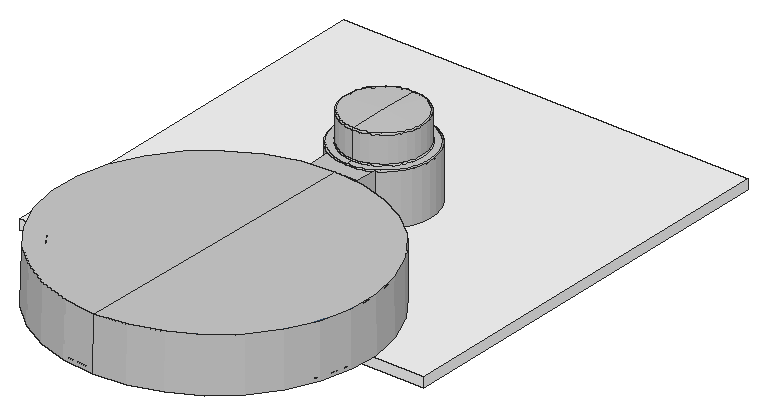
Revit family "BE_99402_de_DE", category Leuchten, Revit 2020
Family settings
  Basisbauteil = Fläche
  Bemaßung runder Anschluss = Durchmesser verwenden
  Teiletyp = Normal
  Beim Laden mit Abzugskörper schneiden = Ja
  Lichtquelle = Ja
  Gemeinsam genutzt = Nein
  Raumberechnungspunkt = Ja
Parameters (values of type "BEGA_99402_Silber_K4")
  built-in parameter 1150104 = 11.679 (stored number, unit not read)
  Windangriffsfläche = "0.03 m²"
  Werkzeuglos = ""
  Wattage = 21 W
  Default Elevation = 0 mm
  built-in parameter 1150113 = 1 (stored number, unit not read)
  built-in parameter 1114218 = 1 (stored number, unit not read)
  Umgebungstemperatur = "25 °C"
  URL = "https://www.bega.com/de/produkt/99402"
  Typenkommentare = "© 2022 BEGA. Wir behalten uns das Recht vor, technische Änderungen ohne vorherige Ankündigung vorzunehmen."  # constant formula
  Type Image = 99402.png
  built-in parameter 1150134 = 12
  built-in parameter 1150109 = 1 (stored number, unit not read)
  Strom = ""
  built-in parameter 1150110 = 1 (stored number, unit not read)
  Spannung = 239.996 V
  Sonderanfertigung = no
  Seriennummer [instance] = "Hier können Sie die eindeutige Seriennummer für das Facility Management eintragen."
  Schutzklasse = "II"
  Schutzart = "IP 65"
  Scheinlast = 0 VA
  Produktdatenblatt = "https://cdn.bega.com/bega/products/99402AK4/current/documents/data-sheets/de"
  Oberflächentemperatur = ""
  Neigungswinkel = 0.00°
  Modell = "99402AK4"
  Material_17 = BEGA_Reflektor
  Material_15 = BEGA_Leuchtmedium_matt
  Material_11 = BEGA_Glas_opal
  Material_10 = BEGA_Glas_matt
  Material_09 = BEGA_Glas_klar
  Material_06 = BEGA_Oberfläche_Edelstahl_gebürstet
  Material_03 = BEGA_Oberfläche_Weiss_matt
  Material_02 = BEGA_Oberfläche_Silber_matt
  Material_01 [instance] = BEGA_Oberfläche_Grafit_matt
  Mastzopfhöhe_h = ""
  Mastzopfdurchmesser_d = ""
  Mastzopf_Ø [instance] = "76 mm"  # constant formula
  Masthöhe_H = ""
  Mastdurchmesser_unten_Ø = ""
  Mast Gruppe = ""
  M_W = no
  M_G = no
  M_A = yes
  Logo = 0
  built-in parameter 1114217 = 1 (stored number, unit not read)
  built-in parameter 1150139 = (empty or 0)
  built-in parameter 1150105 = 210.08 (stored number, unit not read)
  built-in parameter 1150114 = 1 (stored number, unit not read)
  Lumens = 2639.91 lm
  Lichtpunkthöhe [instance] = ""
  built-in parameter 1150115 = 1 (stored number, unit not read)
  Leuchtenlichtstrom = "1970 lm"
  Leuchtenanzahl = ""
  Lebensdauerkriterien = "L70B50 @ 25 °C = 161000 h"
  Lastklassifizierung = Beleuchtung
  built-in parameter 1150112 = 1 (stored number, unit not read)
  Lampenlichtstrom = "2860 lm"
  Lampe = "LED 15.8 W"
  LED_Modulbezeichnung = "LED-0298/840, LED-0302/840"
  built-in parameter 1150142 = (empty or 0)
  Hersteller = "BEGA"  # constant formula
  Halbstreuwinkel = ""
  Gewicht = "3.9 kg"
  Frequenz = "0/50-60 Hz"
  Farbwiedergabeindex = "CRI > 80"
  Farbtemperaturverschiebung bei Dämpfen der Lampe = <Keine Auswahl>
  Farbtemperatur = "4000 K"
  Color Filter = 16777215
  Erdstücklänge_E = ""
  built-in parameter 1150133 = 10 (stored number, unit not read)
  Energieeffizienzklasse = "LED A++ - A"
  Einstecktiefe = "50 mm"
  built-in parameter 1150137 = (empty or 0)
  built-in parameter 1150132 = (empty or 0)
  Einbauöffnung = ""
  Einbautiefe = ""
  ENEC = "ja"
  Durchmesser_Fussplatte_D = ""
  Datei für fotometrisches Netz = "BE_99402K4.IES"
  CE_Konformität = "ja"
  Bestellnummer = "99402AK4"
  Beschreibung_Sonderanfertigung = "Hier können Sie Informationen zur Sonderanfertigung eintragen."
  Beschreibung = "Aufsatzleuchte"
  built-in parameter 1150106 = 2.1008 (stored number, unit not read)
  Befestigungsbohrung = ""
  Befestigungsabstand = ""
  BEGA_Neigung_Z2 [instance] = 0.00°
  BEGA_Neigung_Z1 [instance] = 0.00°
  BEGA_Neigung_Y2 [instance] = 0.00°
  BEGA_Neigung_Y1 [instance] = 0.00°
  BEGA_Neigung_X2 [instance] = 0.00°
  BEGA_Neigung_X1 [instance] = 0.00°
  BEGA_Intern_aus = yes
  BEGA_Intern_an = yes
  BEGA_Intern_Konstruktion = yes
  BEGA_Intern = yes
  BEGA_Infotext_Winkel [instance] = no
  BEGA_IES_Z2 = 0 mm
  BEGA_IES_Z1 = 0 mm
  BEGA_IES_Y2 = 0 mm
  BEGA_IES_Y1 = 0 mm
  BEGA_IES_X2 = 0 mm
  BEGA_IES_X1 = 0 mm
  BEGA_IES3 = yes
  BEGA_IES2 = yes
  BEGA_IES1 = yes
  BEGA_IES = yes
  BEGA_Dummy = no
  Anschlussleitung = "5.0 m ÖLFLEX 4 x 1²"
  Anschlussleistung [instance] = "18.3 W"
  built-in parameter 1150107 = 4000 (stored number, unit not read)
  built-in parameter 1150102 = (empty or 0)
  built-in parameter 1150138 = (empty or 0)
  Aktualisierung = "2022-05-20T04:00:08"
  Abstand_zur_angestrahlten_Fläche [instance] = ""
  AC/DC = "AC/DC"
Types (4, lengths in mm): name | built-in parameter 1150104 | built-in parameter 1150134 | Modell | M_G | M_A | built-in parameter 1150105 | Lumens | Leuchtenlichtstrom | Lampenlichtstrom | LED_Modulbezeichnung | Farbtemperatur | Datei für fotometrisches Netz | Bestellnummer | built-in parameter 1150106 | built-in parameter 1150107
  BEGA_99402_Grafit_K4 | 11.679 (stored number, unit not read) | 12 | "99402K4" | yes | no | 210.08 (stored number, unit not read) | 2639.91 lm | "1970 lm" | "2860 lm" | "LED-0298/840, LED-0302/840" | "4000 K" | "BE_99402K4.IES" | "99402K4" | 2.1008 (stored number, unit not read) | 4000 (stored number, unit not read)
  BEGA_99402_Grafit_K3 | 10.883 (stored number, unit not read) | (empty or 0) | "99402K3" | yes | no | 195.76 (stored number, unit not read) | 2459.94 lm | "1942 lm" | "2820 lm" | "LED-0298/830, LED-0302/830" | "3000 K" | "BE_99402K3.IES" | "99402K3" | 1.9576 (stored number, unit not read) | 3000 (stored number, unit not read)
  BEGA_99402_Silber_K4 | 11.679 (stored number, unit not read) | 12 | "99402AK4" | no | yes | 210.08 (stored number, unit not read) | 2639.91 lm | "1970 lm" | "2860 lm" | "LED-0298/840, LED-0302/840" | "4000 K" | "BE_99402K4.IES" | "99402AK4" | 2.1008 (stored number, unit not read) | 4000 (stored number, unit not read)
  BEGA_99402_Silber_K3 | 10.883 (stored number, unit not read) | (empty or 0) | "99402AK3" | no | yes | 195.76 (stored number, unit not read) | 2459.94 lm | "1942 lm" | "2820 lm" | "LED-0298/830, LED-0302/830" | "3000 K" | "BE_99402K3.IES" | "99402AK3" | 1.9576 (stored number, unit not read) | 3000 (stored number, unit not read)
Reference planes
  plane 1 "Mitte (Vorne/Hinten)": y = 0
  plane 2: z = 0
  plane 3 "Mitte (Links/Rechts)": x = 0
  plane 4 "Links": x = -150.016
  plane 5 "Rechts": x = 150.016
  plane 6 "Unten": y = -359.989
  plane 7 "Oben": y = 46.5
  plane 8 "Vorne": z = 79.233
  plane 9 "Hinten": z = -19.426
Forms (mm)
  Extrusion 1, solid, material "BEGA_Platte_Weiss"
    sketch origin (0, -1119.2, 0) x (1, 0, 0) y (0, 1, 0)
      loop
        line (-200, 1319.2) -> (-200, 919.2) -> (200, 919.2) -> (200, 1319.2) -> (-200, 1319.2)
    from 0 to -10
  Extrusion 2, solid, material "BEGA_Dummy_matt", visible <- "BEGA_Dummy"
    sketch origin (80.095, -76.023, 0) x (1, 0, 0) y (0, 1, 0)
      loop
        line (-230.111, 122.523) -> (-230.111, -283.966) -> (69.92, -283.966) -> (69.92, 122.523) -> (-230.111, 122.523)
    from 0 to 79.233
Dimensions and locks
  plane 1 "Mitte (Vorne/Hinten)" to Extrusion 1 = 200 mm
  aligned and locked: plane 2 to Extrusion 1
  aligned and locked: level to Extrusion 1
Nested families
  nested 1: "BE_99402" at (0, -210.012, 0) x (0, 1, 0) z (0, 0, 1), type "BE_99402"
Connectors
  electrical at (0, 0, 0), driven by "Lastklassifizierung", driven by "Spannung", driven by "Scheinlast"
    settings: index 1, voltage 239.996 V, apparent load 0 VA, apparent load phase1 0 VA, apparent load phase2 0 VA, apparent load phase3 0 VA, power factor 1, load classification "Beleuchtung", number of poles 1, system type 31, power factor state 1, is connector primary yes, connector utility no, sub classification motor no, connector description ""
Definition of nested family "BE_99402"
  Parameters (values of type "BE_99402")
    Default Elevation = 1 mm
    URL = "http://www.bega.de/de/produkt"
    Type Comments = "© 2015 BEGA. Wir behalten uns das Recht vor, technische Änderungen ohne vorherige Ankündigung vorzunehmen. "  # constant formula
    Type Image = (empty or 0)
    Material_17 = none
    Material_15 = none
    Material_11 = none
    Material_10 = none
    Material_09 = none
    Material_06 = none
    Material_03 = none
    Material_02 = none
    Material_01 = none
    M_W = yes
    M_G = yes
    M_A = yes
    Länge_Platte = 600 mm  # constant formula
    Höhe_Platte = -10 mm  # constant formula
    Manufacturer = "BEGA"  # constant formula
    Breite_Platte = 400 mm  # constant formula
  Reference planes
    plane 1 "Mitte (Oben/Unten)": y = 0
    plane 2: z = 0
    plane 3 "Mitte (Links/Rechts)": x = 0
    plane 4 "Vorne": z = 79.233
    plane 5 "Hinten": z = -19.426
    plane 6 "Unten": y = -150.016
    plane 7: x = -149.977
    plane 8: x = 256.512
    plane 9: y = 150.016
  Forms (mm)
    Extrusion 1, solid, detail levels medium
      sketch origin (0, 0, 0) x (1, 0, 0) y (0, 1, 0)
        loop
          line (-300, 200) -> (-300, -200) -> (300, -200) -> (300, 200) -> (-300, 200)
      from 0 to -10 <- "Höhe_Platte"
    Revolve 2, solid, material <- "Material_01", visible <- "M_G", detail levels medium+fine
      sketch origin (0, 0, 0) x (0.999848, 0, -0.017452) y (0.017452, 0, 0.999848)
        loop
          line (-150, 0) -> (-146.753, 0) -> (-146.425, 18.8) -> (-131.5, 18.8) -> (-131.02, 46.3) -> (0, 46.3) -> (0, 53) -> (-149.075, 53) -> (-150, 0)
        axis (0, 53) -> (0, 0)
      angle from 0 to 360
    Revolve 3, solid, material <- "Material_01", visible <- "M_G", detail levels medium+fine
      sketch origin (0, 0, 0) x (0.999848, 0, -0.017452) y (0.017452, 0, 0.999848)
        loop
          line (146.087, 8.3) -> (128.675, 8.3) -> (128.493, 3.1) -> (124.364, 3.1) -> (124.45, 1.447)
          arc (124.45, 1.447) -> (124.762, 0.773) -> (125.452, 0.5) r 1
          line (125.452, 0.5) -> (144.848, 0.5)
          arc (144.848, 0.5) -> (145.543, 0.78) -> (145.849, 1.465) r 1
          line (145.849, 1.465) -> (146.087, 8.3)
        axis (0, 0.5) -> (0, 8.3)
      angle from 0 to 360
    Revolve 4, solid, material <- "Material_10", detail levels medium+fine
      sketch origin (0, 0, 0) x (0.999848, 0, -0.017452) y (0.017452, 0, 0.999848)
        loop
          line (-128, 7.4) -> (-128, 3.4) -> (0, 3.4) -> (0, 7.4) -> (-128, 7.4)
        axis (0, 7.4) -> (0, 3.4)
      angle from 0 to 360
    Revolve 5, solid, material <- "Material_01", visible <- "M_G", detail levels medium+fine
      sketch origin (0, 0, 0) x (0.999848, 0, -0.017452) y (0.017452, 0, 0.999848)
        loop
          line (256.812, -14.947) -> (255.607, 54.077)
          arc (255.607, 54.077) -> (255.315, 54.766) -> (254.626, 55.06) r 1
          line (254.626, 55.06) -> (248.051, 55.174)
          arc (248.051, 55.174) -> (247.362, 55.467) -> (247.07, 56.157) r 1
          line (247.07, 56.157) -> (246.62, 81.908)
          arc (246.62, 81.908) -> (246.321, 82.603) -> (245.62, 82.89) r 1
          line (245.62, 82.89) -> (208.597, 82.89) -> (208.659, 79.349) -> (239.682, 79.89)
          arc (239.682, 79.89) -> (241.06, 79.34) -> (241.68, 77.992) r 2
          line (241.68, 77.992) -> (243.157, 49.791)
          arc (243.157, 49.791) -> (243.474, 49.111) -> (244.174, 48.843) r 1
          line (244.174, 48.843) -> (246.714, 48.887)
          arc (246.714, 48.887) -> (247.419, 48.613) -> (247.731, 47.923) r 1
          line (247.731, 47.923) -> (249.93, -15.067) -> (256.812, -14.947)
        axis (208.597, 82.89) -> (210.319, -15.758)
      angle from 0 to 360
    Extrusion 6, solid, material <- "Material_01", visible <- "M_G", detail levels medium+fine
      sketch origin (0, 0, 0) x (0.999848, 0, -0.017452) y (0, 1, 0)
        loop
          arc (147.345, 22.644) -> (148.642, 11.355) -> (149.075, 0) r 149.075
          arc (149.075, 0) -> (148.642, -11.355) -> (147.345, -22.644) r 149.075
          line (147.345, -22.644) -> (170.134, -23.439)
          arc (170.134, -23.439) -> (163.797, 0) -> (170.134, 23.439) r 46.522
          line (170.134, 23.439) -> (147.345, 22.644)
      from 1.885 to 53
    Revolve 7, void
      sketch origin (-0.146, 0, -8.367) x (0.999848, 0, -0.017452) y (0, 1, 0)
        loop
          line (210.319, -37.973) -> (206.13, -37.973) -> (206.13, -47.514) -> (210.319, -47.514) -> (210.319, -37.973)
        axis (210.319, -47.514) -> (210.319, -37.973)
      angle from 0 to 360
    Revolve 8, void
      sketch origin (315.285, 182.142, -13.873) x (-0.499924, -0.866025, 0.008726) y (0.865894, -0.5, -0.015114)
        loop
          line (210.319, -37.973) -> (206.13, -37.973) -> (206.13, -47.514) -> (210.319, -47.514) -> (210.319, -37.973)
        axis (210.319, -47.514) -> (210.319, -37.973)
      angle from 0 to 360
    Revolve 9, void
      sketch origin (315.285, -182.142, -13.873) x (-0.499924, 0.866025, 0.008726) y (-0.865894, -0.5, 0.015114)
        loop
          line (210.319, -37.973) -> (206.13, -37.973) -> (206.13, -47.514) -> (210.319, -47.514) -> (210.319, -37.973)
        axis (210.319, -47.514) -> (210.319, -37.973)
      angle from 0 to 360
    Extrusion 10, solid, material <- "Material_06", detail levels fine
      sketch origin (0, 0, 0) x (0.999848, 0, -0.017452) y (0.017452, 0, 0.999848)
        loop
          circle (210.319, -8.368) r 4
      from 37.828 to 46.437
    Extrusion 11, solid, material <- "Material_06", detail levels fine
      sketch origin (315.431, 182.142, -5.506) x (-0.499924, -0.866025, 0.008726) y (0.017452, 0, 0.999848)
        loop
          circle (210.319, -8.368) r 4
      from 37.828 to 46.437
    Extrusion 12, solid, material <- "Material_06", detail levels fine
      sketch origin (315.431, -182.142, -5.506) x (-0.499924, 0.866025, 0.008726) y (0.017452, 0, 0.999848)
        loop
          circle (210.319, -8.368) r 4
      from 37.828 to 46.437
    Revolve 13, void
      sketch origin (0, 0, 0) x (0.999848, 0, -0.017452) y (0.017452, 0, 0.999848)
        loop
          line (-135.5, 0.3) -> (-135.5, 3.748) -> (-140.262, 3.748) -> (-140.262, 0.3) -> (-135.5, 0.3)
        axis (-135.5, 3.748) -> (-135.5, 0.3)
      angle from 0 to 360
    Revolve 14, void
      sketch origin (0, 0, 0) x (-0.499924, -0.866025, 0.008726) y (0.017452, 0, 0.999848)
        loop
          line (-135.5, 0.3) -> (-135.5, 3.748) -> (-140.262, 3.748) -> (-140.262, 0.3) -> (-135.5, 0.3)
        axis (-135.5, 3.748) -> (-135.5, 0.3)
      angle from 0 to 360
    Revolve 15, void
      sketch origin (0, 0, 0) x (-0.499924, 0.866025, 0.008726) y (0.017452, 0, 0.999848)
        loop
          line (-135.5, 0.3) -> (-135.5, 3.748) -> (-140.262, 3.748) -> (-140.262, 0.3) -> (-135.5, 0.3)
        axis (-135.5, 3.748) -> (-135.5, 0.3)
      angle from 0 to 360
    Revolve 16, solid, material <- "Material_06", detail levels fine
      sketch origin (0, 0, 0) x (0.999848, 0, -0.017452) y (0.017452, 0, 0.999848)
        loop
          line (-135.5, 3.748) -> (-139.75, 3.748) -> (-139.75, 0.3) -> (-135.5, 0.3) -> (-135.5, 3.748)
        axis (-135.5, 3.748) -> (-135.5, 0.3)
      angle from 0 to 360
    Revolve 17, solid, material <- "Material_06", detail levels fine
      sketch origin (0, 0, 0) x (-0.499924, -0.866025, 0.008726) y (0.017452, 0, 0.999848)
        loop
          line (-135.5, 3.748) -> (-139.75, 3.748) -> (-139.75, 0.3) -> (-135.5, 0.3) -> (-135.5, 3.748)
        axis (-135.5, 3.748) -> (-135.5, 0.3)
      angle from 0 to 360
    Revolve 18, solid, material <- "Material_06", detail levels fine
      sketch origin (0, 0, 0) x (-0.499924, 0.866025, 0.008726) y (0.017452, 0, 0.999848)
        loop
          line (-135.5, 3.748) -> (-139.75, 3.748) -> (-139.75, 0.3) -> (-135.5, 0.3) -> (-135.5, 3.748)
        axis (-135.5, 3.748) -> (-135.5, 0.3)
      angle from 0 to 360
    Revolve 19, solid, material <- "Material_02", visible <- "M_A", detail levels medium+fine
      sketch origin (0, 0, 0) x (0.999848, 0, -0.017452) y (0.017452, 0, 0.999848)
        loop
          line (-150, 0) -> (-146.753, 0) -> (-146.425, 18.8) -> (-131.5, 18.8) -> (-131.02, 46.3) -> (0, 46.3) -> (0, 53) -> (-149.075, 53) -> (-150, 0)
        axis (0, 53) -> (0, 0)
      angle from 0 to 360
    Revolve 20, solid, material <- "Material_02", visible <- "M_A", detail levels medium+fine
      sketch origin (0, 0, 0) x (0.999848, 0, -0.017452) y (0.017452, 0, 0.999848)
        loop
          line (146.087, 8.3) -> (128.675, 8.3) -> (128.493, 3.1) -> (124.364, 3.1) -> (124.45, 1.447)
          arc (124.45, 1.447) -> (124.762, 0.773) -> (125.452, 0.5) r 1
          line (125.452, 0.5) -> (144.848, 0.5)
          arc (144.848, 0.5) -> (145.543, 0.78) -> (145.849, 1.465) r 1
          line (145.849, 1.465) -> (146.087, 8.3)
        axis (0, 0.5) -> (0, 8.3)
      angle from 0 to 360
    Revolve 21, solid, material <- "Material_02", visible <- "M_A", detail levels medium+fine
      sketch origin (0, 0, 0) x (0.999848, 0, -0.017452) y (0.017452, 0, 0.999848)
        loop
          line (256.812, -14.947) -> (255.607, 54.077)
          arc (255.607, 54.077) -> (255.315, 54.766) -> (254.626, 55.06) r 1
          line (254.626, 55.06) -> (248.051, 55.174)
          arc (248.051, 55.174) -> (247.362, 55.467) -> (247.07, 56.157) r 1
          line (247.07, 56.157) -> (246.62, 81.908)
          arc (246.62, 81.908) -> (246.321, 82.603) -> (245.62, 82.89) r 1
          line (245.62, 82.89) -> (208.597, 82.89) -> (208.659, 79.349) -> (239.682, 79.89)
          arc (239.682, 79.89) -> (241.06, 79.34) -> (241.68, 77.992) r 2
          line (241.68, 77.992) -> (243.157, 49.791)
          arc (243.157, 49.791) -> (243.474, 49.111) -> (244.174, 48.843) r 1
          line (244.174, 48.843) -> (246.714, 48.887)
          arc (246.714, 48.887) -> (247.419, 48.613) -> (247.731, 47.923) r 1
          line (247.731, 47.923) -> (249.93, -15.067) -> (256.812, -14.947)
        axis (208.597, 82.89) -> (210.319, -15.758)
      angle from 0 to 360
    Extrusion 22, solid, material <- "Material_02", visible <- "M_A", detail levels medium+fine
      sketch origin (0, 0, 0) x (0.999848, 0, -0.017452) y (0, 1, 0)
        loop
          arc (147.345, 22.644) -> (148.642, 11.355) -> (149.075, 0) r 149.075
          arc (149.075, 0) -> (148.642, -11.355) -> (147.345, -22.644) r 149.075
          line (147.345, -22.644) -> (170.134, -23.439)
          arc (170.134, -23.439) -> (163.797, 0) -> (170.134, 23.439) r 46.522
          line (170.134, 23.439) -> (147.345, 22.644)
      from 1.885 to 53
  Cuts and joins
    Revolve 7, Revolve 8, Revolve 9 cuts Revolve 5
    Revolve 7, Revolve 8, Revolve 9 cuts Extrusion 6
    joined: Revolve 5, Extrusion 6
    Revolve 13, Revolve 14, Revolve 15 cuts Revolve 3
    Revolve 13, Revolve 14, Revolve 15 cuts Revolve 20
    Revolve 7, Revolve 8, Revolve 9 cuts Revolve 21
    joined: Revolve 21, Extrusion 22
  Dimensions and locks
    equal spacing: Extrusion 1 sketch curve, plane 3 "Mitte (Links/Rechts)", Extrusion 1 sketch curve
    equal spacing: Extrusion 1 sketch curve, plane 1 "Mitte (Oben/Unten)", Extrusion 1 sketch curve
    "Länge_Platte": Extrusion 1 sketch curve to Extrusion 1 sketch curve
    "Breite_Platte": Extrusion 1 sketch curve to Extrusion 1 sketch curve
    aligned and locked: Extrusion 1 to plane 2
    aligned and locked: level to Extrusion 1
  Automatic sketch dimensions
    level to Revolve 2 sketch curve = 2.618 mm
    Revolve 2 sketch curve to Revolve 2 sketch curve = 0.925 mm
    Revolve 2 sketch curve to Revolve 2 sketch curve = 3.247 mm
    Revolve 2 sketch curve to Revolve 2 sketch curve = 0.328 mm
    Revolve 2 sketch curve to Revolve 2 sketch curve = 14.925 mm
    Revolve 2 sketch curve to Revolve 2 sketch curve = 18.055 mm
    Revolve 2 sketch curve to Revolve 2 sketch curve = 131.02 mm
    Revolve 2 sketch curve to Revolve 2 sketch curve = 18.8 mm
    Revolve 2 sketch curve to Revolve 2 sketch curve = 0 mm  (x3)
    Revolve 2 sketch curve to Revolve 2 sketch curve = 27.5 mm
    Revolve 2 sketch curve to Revolve 2 sketch curve = 6.7 mm  (x2)
    Revolve 2 sketch curve to Revolve 2 sketch curve = 9.349 mm
    Revolve 2 sketch curve to Revolve 2 sketch curve = 10.677 mm
    level to Revolve 3 sketch curve = 0.929 mm
    Revolve 3 sketch curve to Revolve 3 sketch curve = 0.087 mm
    Revolve 3 sketch curve to Revolve 3 sketch curve = 0.999 mm  (x2)
    Revolve 3 sketch curve to Revolve 3 sketch curve = 0.003 mm
    Revolve 3 sketch curve to Revolve 3 sketch curve = 3.044 mm
    Revolve 3 sketch curve to Revolve 3 sketch curve = 0.182 mm
    Revolve 3 sketch curve to Revolve 3 sketch curve = 16.355 mm
    Revolve 3 sketch curve to Revolve 3 sketch curve = 0.001 mm
    Revolve 3 sketch curve to Revolve 3 sketch curve = 1.238 mm
    Revolve 3 sketch curve to Revolve 3 sketch curve = 1.6 mm  (x2)
    Revolve 3 sketch curve to Revolve 3 sketch curve = 0 mm  (x3)
    Revolve 3 sketch curve to Revolve 3 sketch curve = 0.053 mm
    Revolve 3 sketch curve to Revolve 3 sketch curve = 1 mm
    Revolve 3 sketch curve to Revolve 3 sketch curve = 5.2 mm
    Revolve 3 sketch curve to Revolve 3 sketch curve = 124.364 mm
    Revolve 3 sketch curve to Revolve 3 sketch curve = 5 mm
    Revolve 3 sketch curve to Revolve 3 sketch curve = 20.7 mm
    level to Revolve 4 sketch curve = 5.633 mm
    Revolve 4 sketch curve to Revolve 4 sketch curve = 0 mm  (x3)
    Revolve 4 sketch curve to Revolve 4 sketch curve = 128 mm
    Revolve 4 sketch curve to Revolve 4 sketch curve = 4 mm  (x2)
    Revolve 4 sketch curve to Revolve 4 sketch curve = 5.591 mm
    Revolve 4 sketch curve to Revolve 4 sketch curve = 1.69 mm
    level to Revolve 5 sketch curve = 79.237 mm
    Revolve 5 sketch curve to Revolve 5 sketch curve = 0.062 mm
    Revolve 5 sketch curve to Revolve 5 sketch curve = 31.023 mm
    Revolve 5 sketch curve to Revolve 5 sketch curve = 0 mm  (x8)
    Revolve 5 sketch curve to Revolve 5 sketch curve = 1.997 mm
    Revolve 5 sketch curve to Revolve 5 sketch curve = 1.478 mm
    Revolve 5 sketch curve to Revolve 5 sketch curve = 0.999 mm  (x2)
    Revolve 5 sketch curve to Revolve 5 sketch curve = 0.017 mm  (x4)
    Revolve 5 sketch curve to Revolve 5 sketch curve = 3.941 mm
    Revolve 5 sketch curve to Revolve 5 sketch curve = 1 mm  (x3)
    Revolve 5 sketch curve to Revolve 5 sketch curve = 2.54 mm
    Revolve 5 sketch curve to Revolve 5 sketch curve = 2.913 mm
    Revolve 5 sketch curve to Revolve 5 sketch curve = 0.982 mm  (x2)
    Revolve 5 sketch curve to Revolve 5 sketch curve = 2.2 mm
    Revolve 5 sketch curve to Revolve 5 sketch curve = 6.556 mm
    Revolve 5 sketch curve to Revolve 5 sketch curve = 0.019 mm
    Revolve 5 sketch curve to Revolve 5 sketch curve = 6.882 mm
    Revolve 5 sketch curve to Revolve 5 sketch curve = 0.983 mm
    Revolve 5 sketch curve to Revolve 5 sketch curve = 2 mm
    Revolve 5 sketch curve to Revolve 5 sketch curve = 1.898 mm
    Revolve 5 sketch curve to Revolve 5 sketch curve = 21.818 mm
    Revolve 5 sketch curve to Revolve 5 sketch curve = 0.115 mm
    Revolve 5 sketch curve to Revolve 5 sketch curve = 5.332 mm
    Revolve 5 sketch curve to Revolve 5 sketch curve = 0.051 mm
    Revolve 5 sketch curve to Revolve 5 sketch curve = 0.044 mm
    Revolve 5 sketch curve to Revolve 5 sketch curve = 0.964 mm
    Revolve 5 sketch curve to Revolve 5 sketch curve = 62.87 mm
    Extrusion 6 sketch curve to Extrusion 6 sketch curve = 0 mm  (x2)
    plane 1 "Mitte (Oben/Unten)" to Extrusion 6 sketch curve = 0 mm  (x2)
    Extrusion 6 sketch curve to plane 1 "Mitte (Oben/Unten)" = 22.644 mm
    Extrusion 6 sketch curve to Extrusion 6 sketch curve = 147.345 mm
    plane 1 "Mitte (Oben/Unten)" to Extrusion 6 sketch curve = 22.644 mm
    Extrusion 6 sketch curve to plane 1 "Mitte (Oben/Unten)" = 23.439 mm
    Extrusion 6 sketch curve to Extrusion 6 sketch curve = 22.788 mm
    plane 1 "Mitte (Oben/Unten)" to Extrusion 6 sketch curve = 23.439 mm
    Extrusion 6 sketch curve to Extrusion 6 sketch curve = 40.186 mm
    plane 1 "Mitte (Oben/Unten)" to Revolve 7 sketch curve = 37.973 mm
    Revolve 7 sketch curve to Revolve 7 sketch curve = 4.189 mm
    Revolve 7 sketch curve to Revolve 7 sketch curve = 9.542 mm
    Revolve 7 sketch curve to Revolve 7 sketch curve = 0 mm  (x3)
    Revolve 8 sketch curve to plane 1 "Mitte (Oben/Unten)" = 22.615 mm
    Revolve 8 sketch curve to Revolve 8 sketch curve = 4.189 mm
    Revolve 8 sketch curve to Revolve 8 sketch curve = 9.542 mm
    Revolve 8 sketch curve to Revolve 8 sketch curve = 0 mm  (x3)
    Revolve 9 sketch curve to plane 1 "Mitte (Oben/Unten)" = 15.358 mm
    Revolve 9 sketch curve to Revolve 9 sketch curve = 4.189 mm
    Revolve 9 sketch curve to Revolve 9 sketch curve = 9.542 mm
    Revolve 9 sketch curve to Revolve 9 sketch curve = 0 mm  (x3)
    Extrusion 10 sketch curve to level = 12.038 mm
    level to Revolve 13 sketch curve = 2.748 mm
    Revolve 13 sketch curve to Revolve 13 sketch curve = 4.762 mm
    Revolve 13 sketch curve to Revolve 13 sketch curve = 3.448 mm
    Revolve 13 sketch curve to Revolve 13 sketch curve = 0 mm  (x3)
    Revolve 14 sketch curve to Revolve 14 sketch curve = 4.762 mm
    Revolve 14 sketch curve to Revolve 14 sketch curve = 3.448 mm
    Revolve 14 sketch curve to Revolve 14 sketch curve = 0 mm  (x3)
    Revolve 15 sketch curve to Revolve 15 sketch curve = 4.762 mm
    Revolve 15 sketch curve to Revolve 15 sketch curve = 3.448 mm
    Revolve 15 sketch curve to Revolve 15 sketch curve = 0 mm  (x3)
    level to Revolve 16 sketch curve = 6.186 mm
    Revolve 16 sketch curve to Revolve 16 sketch curve = 4.25 mm
    Revolve 16 sketch curve to Revolve 16 sketch curve = 3.448 mm
    Revolve 16 sketch curve to Revolve 16 sketch curve = 0 mm  (x3)
    Revolve 17 sketch curve to Revolve 17 sketch curve = 4.25 mm
    Revolve 17 sketch curve to Revolve 17 sketch curve = 3.448 mm
    Revolve 17 sketch curve to Revolve 17 sketch curve = 0 mm  (x3)
    Revolve 18 sketch curve to Revolve 18 sketch curve = 4.25 mm
    Revolve 18 sketch curve to Revolve 18 sketch curve = 3.448 mm
    Revolve 18 sketch curve to Revolve 18 sketch curve = 0 mm  (x3)
    level to Revolve 19 sketch curve = 2.618 mm
    Revolve 19 sketch curve to Revolve 19 sketch curve = 0.925 mm
    Revolve 19 sketch curve to Revolve 19 sketch curve = 3.247 mm
    Revolve 19 sketch curve to Revolve 19 sketch curve = 0.328 mm
    Revolve 19 sketch curve to Revolve 19 sketch curve = 14.925 mm
    Revolve 19 sketch curve to Revolve 19 sketch curve = 18.055 mm
    Revolve 19 sketch curve to Revolve 19 sketch curve = 131.02 mm
    Revolve 19 sketch curve to Revolve 19 sketch curve = 18.8 mm
    Revolve 19 sketch curve to Revolve 19 sketch curve = 0 mm  (x3)
    Revolve 19 sketch curve to Revolve 19 sketch curve = 27.5 mm
    Revolve 19 sketch curve to Revolve 19 sketch curve = 6.7 mm  (x2)
    Revolve 19 sketch curve to Revolve 19 sketch curve = 9.349 mm
    Revolve 19 sketch curve to Revolve 19 sketch curve = 10.677 mm
    level to Revolve 20 sketch curve = 0.929 mm
    Revolve 20 sketch curve to Revolve 20 sketch curve = 0.087 mm
    Revolve 20 sketch curve to Revolve 20 sketch curve = 0.999 mm  (x2)
    Revolve 20 sketch curve to Revolve 20 sketch curve = 0.003 mm
    Revolve 20 sketch curve to Revolve 20 sketch curve = 3.044 mm
    Revolve 20 sketch curve to Revolve 20 sketch curve = 0.182 mm
    Revolve 20 sketch curve to Revolve 20 sketch curve = 16.355 mm
    Revolve 20 sketch curve to Revolve 20 sketch curve = 0.001 mm
    Revolve 20 sketch curve to Revolve 20 sketch curve = 1.238 mm
    Revolve 20 sketch curve to Revolve 20 sketch curve = 1.6 mm  (x2)
    Revolve 20 sketch curve to Revolve 20 sketch curve = 0 mm  (x3)
    Revolve 20 sketch curve to Revolve 20 sketch curve = 0.053 mm
    Revolve 20 sketch curve to Revolve 20 sketch curve = 1 mm
    Revolve 20 sketch curve to Revolve 20 sketch curve = 5.2 mm
    Revolve 20 sketch curve to Revolve 20 sketch curve = 124.364 mm
    Revolve 20 sketch curve to Revolve 20 sketch curve = 5 mm
    Revolve 20 sketch curve to Revolve 20 sketch curve = 20.7 mm
    level to Revolve 21 sketch curve = 79.237 mm
    Revolve 21 sketch curve to Revolve 21 sketch curve = 0.062 mm
    Revolve 21 sketch curve to Revolve 21 sketch curve = 31.023 mm
    Revolve 21 sketch curve to Revolve 21 sketch curve = 0 mm  (x8)
    Revolve 21 sketch curve to Revolve 21 sketch curve = 1.997 mm
    Revolve 21 sketch curve to Revolve 21 sketch curve = 1.478 mm
    Revolve 21 sketch curve to Revolve 21 sketch curve = 0.999 mm  (x2)
    Revolve 21 sketch curve to Revolve 21 sketch curve = 0.017 mm  (x4)
    Revolve 21 sketch curve to Revolve 21 sketch curve = 3.941 mm
    Revolve 21 sketch curve to Revolve 21 sketch curve = 1 mm  (x3)
    Revolve 21 sketch curve to Revolve 21 sketch curve = 2.54 mm
    Revolve 21 sketch curve to Revolve 21 sketch curve = 2.913 mm
    Revolve 21 sketch curve to Revolve 21 sketch curve = 0.982 mm  (x2)
    Revolve 21 sketch curve to Revolve 21 sketch curve = 2.2 mm
    Revolve 21 sketch curve to Revolve 21 sketch curve = 6.556 mm
    Revolve 21 sketch curve to Revolve 21 sketch curve = 0.019 mm
    Revolve 21 sketch curve to Revolve 21 sketch curve = 6.882 mm
    Revolve 21 sketch curve to Revolve 21 sketch curve = 0.983 mm
    Revolve 21 sketch curve to Revolve 21 sketch curve = 2 mm
    Revolve 21 sketch curve to Revolve 21 sketch curve = 1.898 mm
    Revolve 21 sketch curve to Revolve 21 sketch curve = 21.818 mm
    Revolve 21 sketch curve to Revolve 21 sketch curve = 0.115 mm
    Revolve 21 sketch curve to Revolve 21 sketch curve = 5.332 mm
    Revolve 21 sketch curve to Revolve 21 sketch curve = 0.051 mm
    Revolve 21 sketch curve to Revolve 21 sketch curve = 0.044 mm
    Revolve 21 sketch curve to Revolve 21 sketch curve = 0.964 mm
    Revolve 21 sketch curve to Revolve 21 sketch curve = 62.87 mm
    Extrusion 22 sketch curve to Extrusion 22 sketch curve = 0 mm  (x2)
    plane 1 "Mitte (Oben/Unten)" to Extrusion 22 sketch curve = 0 mm  (x2)
    Extrusion 22 sketch curve to plane 1 "Mitte (Oben/Unten)" = 22.644 mm
    Extrusion 22 sketch curve to Extrusion 22 sketch curve = 147.345 mm
    plane 1 "Mitte (Oben/Unten)" to Extrusion 22 sketch curve = 22.644 mm
    Extrusion 22 sketch curve to plane 1 "Mitte (Oben/Unten)" = 23.439 mm
    Extrusion 22 sketch curve to Extrusion 22 sketch curve = 22.788 mm
    plane 1 "Mitte (Oben/Unten)" to Extrusion 22 sketch curve = 23.439 mm
    Extrusion 22 sketch curve to Extrusion 22 sketch curve = 40.186 mm
    Revolve 2 sketch curve to plane 3 "Mitte (Links/Rechts)" = 149.977 mm
    Revolve 4 sketch curve to plane 3 "Mitte (Links/Rechts)" = 127.921 mm
    Revolve 13 sketch curve to plane 3 "Mitte (Links/Rechts)" = 140.235 mm
    Revolve 16 sketch curve to plane 3 "Mitte (Links/Rechts)" = 139.663 mm
    Revolve 19 sketch curve to plane 3 "Mitte (Links/Rechts)" = 149.977 mm
    plane 3 "Mitte (Links/Rechts)" to Revolve 3 sketch curve = 124.399 mm
    plane 3 "Mitte (Links/Rechts)" to Revolve 5 sketch curve = 210.012 mm
    plane 3 "Mitte (Links/Rechts)" to Extrusion 10 sketch curve = 210.141 mm
    plane 3 "Mitte (Links/Rechts)" to Revolve 20 sketch curve = 124.399 mm
    plane 3 "Mitte (Links/Rechts)" to Revolve 21 sketch curve = 210.012 mm
    radius of Extrusion 10 sketch curve = 4 mm
    radius of Extrusion 11 sketch curve = 4 mm
    radius of Extrusion 12 sketch curve = 4 mm
